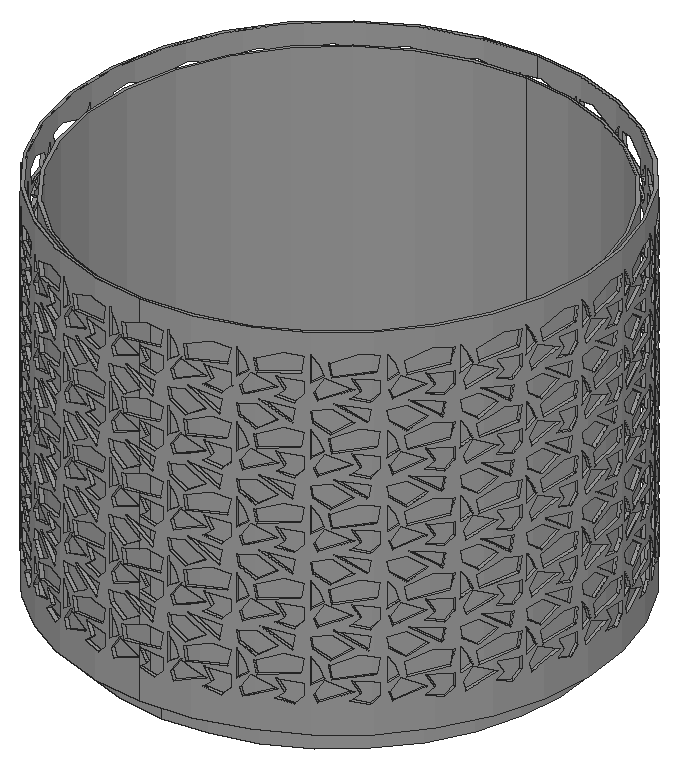
Revit family "14832 Цветочница «Филигран» средняя, диаметр 900 мм Хоббика", category Антураж, Revit 2018 (continued)
Automatic sketch dimensions
  level to Extrusion 4 sketch curve = 300.754 mm
  Extrusion 4 sketch curve to plane 6 = 155.246 mm
  level to Extrusion 4 sketch curve = 311.448 mm
  Extrusion 4 sketch curve to Extrusion 4 sketch curve = 6.775 mm  (x4)
  Extrusion 4 sketch curve to plane 6 = 266.552 mm
  Extrusion 4 sketch curve to plane 6 = 144.552 mm
  level to Extrusion 4 sketch curve = 189.448 mm
  level to Extrusion 4 sketch curve = 120.481 mm
  Extrusion 4 sketch curve to Extrusion 4 sketch curve = 8.395 mm  (x5)
  Extrusion 4 sketch curve to plane 6 = 213.519 mm
  Extrusion 4 sketch curve to plane 6 = 335.519 mm
  Extrusion 4 sketch curve to plane 6 = 91.519 mm
  level to Extrusion 4 sketch curve = 242.481 mm
  level to Extrusion 4 sketch curve = 260.217 mm
  Extrusion 4 sketch curve to Extrusion 4 sketch curve = 4.105 mm  (x5)
  Extrusion 4 sketch curve to plane 6 = 317.783 mm
  level to Extrusion 4 sketch curve = 138.217 mm
  Extrusion 4 sketch curve to plane 6 = 195.783 mm
  Extrusion 4 sketch curve to plane 6 = 73.783 mm
  level to Extrusion 4 sketch curve = 105.534 mm
  Extrusion 4 sketch curve to Extrusion 4 sketch curve = 6.071 mm  (x5)
  Extrusion 4 sketch curve to plane 6 = 106.466 mm
  level to Extrusion 4 sketch curve = 227.534 mm
  Extrusion 4 sketch curve to plane 6 = 228.466 mm
  level to Extrusion 4 sketch curve = 349.534 mm
  Extrusion 4 sketch curve to plane 6 = 236.396 mm
  level to Extrusion 4 sketch curve = 341.604 mm
  level to Extrusion 4 sketch curve = 219.604 mm
  Extrusion 4 sketch curve to plane 6 = 114.396 mm
  level to Extrusion 4 sketch curve = 212.391 mm
  Extrusion 4 sketch curve to Extrusion 4 sketch curve = 3.307 mm  (x4)
  Extrusion 4 sketch curve to plane 6 = 121.609 mm
  level to Extrusion 4 sketch curve = 334.391 mm
  Extrusion 4 sketch curve to plane 6 = 243.609 mm
  Extrusion 4 sketch curve to plane 6 = 72.971 mm
  Extrusion 4 sketch curve to Extrusion 4 sketch curve = 28.051 mm  (x5)
  level to Extrusion 4 sketch curve = 139.029 mm
  Extrusion 4 sketch curve to plane 6 = 316.971 mm
  level to Extrusion 4 sketch curve = 261.029 mm
  Extrusion 4 sketch curve to plane 6 = 194.971 mm
  Extrusion 4 sketch curve to plane 6 = 163.615 mm
  Extrusion 4 sketch curve to Extrusion 4 sketch curve = 0.133 mm  (x4)
  Extrusion 4 sketch curve to plane 6 = 285.615 mm
  level to Extrusion 4 sketch curve = 292.385 mm
  level to Extrusion 4 sketch curve = 170.385 mm
  level to Extrusion 4 sketch curve = 284.794 mm
  Extrusion 4 sketch curve to Extrusion 4 sketch curve = 4.057 mm  (x4)
  Extrusion 4 sketch curve to plane 6 = 171.206 mm
  level to Extrusion 4 sketch curve = 162.794 mm
  Extrusion 4 sketch curve to plane 6 = 49.206 mm
  Extrusion 4 sketch curve to Extrusion 4 sketch curve = 4.19 mm
  Extrusion 4 sketch curve to plane 6 = 293.206 mm
  Extrusion 4 sketch curve to plane 6 = 72.501 mm
  Extrusion 4 sketch curve to Extrusion 4 sketch curve = 8.628 mm  (x5)
  level to Extrusion 4 sketch curve = 139.499 mm
  Extrusion 4 sketch curve to plane 6 = 316.501 mm
  level to Extrusion 4 sketch curve = 261.499 mm
  Extrusion 4 sketch curve to plane 6 = 194.501 mm
  level to Extrusion 4 sketch curve = 141.498 mm
  Extrusion 4 sketch curve to Extrusion 4 sketch curve = 0.747 mm  (x5)
  Extrusion 4 sketch curve to plane 6 = 314.502 mm
  Extrusion 4 sketch curve to plane 6 = 70.502 mm
  level to Extrusion 4 sketch curve = 263.498 mm
  Extrusion 4 sketch curve to plane 6 = 192.502 mm
  level to Extrusion 4 sketch curve = 160.292 mm
  Extrusion 4 sketch curve to Extrusion 4 sketch curve = 12.025 mm  (x5)
  Extrusion 4 sketch curve to plane 6 = 173.708 mm
  Extrusion 4 sketch curve to plane 6 = 295.708 mm
  Extrusion 4 sketch curve to plane 6 = 51.708 mm
  level to Extrusion 4 sketch curve = 282.292 mm
  level to Extrusion 4 sketch curve = 345.67 mm
  Extrusion 4 sketch curve to Extrusion 4 sketch curve = 19.647 mm  (x4)
  Extrusion 4 sketch curve to plane 6 = 232.33 mm
  Extrusion 4 sketch curve to plane 6 = 110.33 mm
  level to Extrusion 4 sketch curve = 223.67 mm
  level to Extrusion 4 sketch curve = 101.67 mm
  Extrusion 4 sketch curve to Extrusion 4 sketch curve = 10.899 mm
  Extrusion 4 sketch curve to plane 6 = 217.681 mm
  level to Extrusion 4 sketch curve = 116.319 mm
  level to Extrusion 4 sketch curve = 238.319 mm
  Extrusion 4 sketch curve to plane 6 = 95.681 mm
  Extrusion 4 sketch curve to plane 6 = 339.681 mm
  level to Extrusion 4 sketch curve = 188.601 mm
  Extrusion 4 sketch curve to Extrusion 4 sketch curve = 9.934 mm  (x4)
  Extrusion 4 sketch curve to plane 6 = 267.399 mm
  Extrusion 4 sketch curve to plane 6 = 145.399 mm
  level to Extrusion 4 sketch curve = 310.601 mm
  Extrusion 4 sketch curve to plane 6 = 156.752 mm
  Extrusion 4 sketch curve to Extrusion 4 sketch curve = 2.998 mm  (x2)
  Extrusion 4 sketch curve to Extrusion 4 sketch curve = 4.288 mm  (x3)
  Extrusion 4 sketch curve to plane 6 = 325.917 mm
  Extrusion 4 sketch curve to plane 6 = 126.818 mm
  Extrusion 4 sketch curve to plane 6 = 248.818 mm
  level to Extrusion 4 sketch curve = 207.182 mm
  level to Extrusion 4 sketch curve = 329.182 mm
  Extrusion 4 sketch curve to Extrusion 4 sketch curve = 13.764 mm  (x4)
  Extrusion 4 sketch curve to Extrusion 4 sketch curve = 11.353 mm  (x3)
  Extrusion 4 sketch curve to Extrusion 4 sketch curve = 12.985 mm
  Extrusion 4 sketch curve to Extrusion 4 sketch curve = 16.957 mm
  level to Extrusion 5 sketch curve = 133.966 mm
  level to Extrusion 5 sketch curve = 255.966 mm
  Extrusion 5 sketch curve to Extrusion 5 sketch curve = 0 mm  (x9)
  Extrusion 5 sketch curve to plane 6 = 282.455 mm
  Extrusion 5 sketch curve to plane 6 = 78.034 mm
  Extrusion 5 sketch curve to plane 6 = 344.088 mm
  level to Extrusion 5 sketch curve = 173.545 mm
  Extrusion 5 sketch curve to plane 6 = 200.034 mm
  Extrusion 5 sketch curve to plane 6 = 38.455 mm
  level to Extrusion 5 sketch curve = 295.545 mm
  Extrusion 5 sketch curve to plane 6 = 160.455 mm
  Extrusion 5 sketch curve to plane 6 = 187.049 mm
  Extrusion 5 sketch curve to Extrusion 5 sketch curve = 4.689 mm  (x5)
  level to Extrusion 5 sketch curve = 268.951 mm
  Extrusion 5 sketch curve to plane 6 = 65.049 mm
  level to Extrusion 5 sketch curve = 146.951 mm
  Extrusion 5 sketch curve to plane 6 = 309.049 mm
  level to Extrusion 5 sketch curve = 332.294 mm
  Extrusion 5 sketch curve to Extrusion 5 sketch curve = 12.981 mm  (x4)
  Extrusion 5 sketch curve to plane 6 = 245.706 mm
  Extrusion 5 sketch curve to plane 6 = 123.706 mm
  level to Extrusion 5 sketch curve = 210.294 mm
  level to Extrusion 5 sketch curve = 97.77 mm
  Extrusion 5 sketch curve to Extrusion 5 sketch curve = 14.142 mm  (x5)
  level to Extrusion 5 sketch curve = 219.77 mm
  Extrusion 5 sketch curve to Extrusion 5 sketch curve = 1.161 mm  (x4)
  Extrusion 5 sketch curve to plane 6 = 114.23 mm
  level to Extrusion 5 sketch curve = 341.77 mm
  Extrusion 5 sketch curve to plane 6 = 236.23 mm
  level to Extrusion 5 sketch curve = 307.674 mm
  Extrusion 5 sketch curve to Extrusion 5 sketch curve = 17.322 mm  (x4)
  Extrusion 5 sketch curve to plane 6 = 270.326 mm
  Extrusion 5 sketch curve to plane 6 = 148.326 mm
  level to Extrusion 5 sketch curve = 185.674 mm
  Extrusion 5 sketch curve to plane 6 = 95.434 mm
  Extrusion 5 sketch curve to Extrusion 5 sketch curve = 14.512 mm  (x5)
  Extrusion 5 sketch curve to plane 6 = 217.434 mm
  Extrusion 5 sketch curve to plane 6 = 339.434 mm
  level to Extrusion 5 sketch curve = 238.566 mm
  level to Extrusion 5 sketch curve = 116.566 mm
  level to Extrusion 5 sketch curve = 178.754 mm
  Extrusion 5 sketch curve to plane 6 = 277.246 mm
  Extrusion 5 sketch curve to plane 6 = 33.246 mm
  level to Extrusion 5 sketch curve = 300.754 mm
  Extrusion 5 sketch curve to plane 6 = 155.246 mm
  level to Extrusion 5 sketch curve = 311.448 mm
  Extrusion 5 sketch curve to Extrusion 5 sketch curve = 6.775 mm  (x4)
  Extrusion 5 sketch curve to plane 6 = 266.552 mm
  Extrusion 5 sketch curve to plane 6 = 144.552 mm
  level to Extrusion 5 sketch curve = 189.448 mm
  level to Extrusion 5 sketch curve = 120.481 mm
  Extrusion 5 sketch curve to Extrusion 5 sketch curve = 8.395 mm  (x5)
  Extrusion 5 sketch curve to plane 6 = 213.519 mm
  Extrusion 5 sketch curve to plane 6 = 335.519 mm
  Extrusion 5 sketch curve to plane 6 = 91.519 mm
  level to Extrusion 5 sketch curve = 242.481 mm
  level to Extrusion 5 sketch curve = 260.217 mm
  Extrusion 5 sketch curve to Extrusion 5 sketch curve = 4.105 mm  (x5)
  Extrusion 5 sketch curve to plane 6 = 317.783 mm
  level to Extrusion 5 sketch curve = 138.217 mm
  Extrusion 5 sketch curve to plane 6 = 195.783 mm
  Extrusion 5 sketch curve to plane 6 = 73.783 mm
  level to Extrusion 5 sketch curve = 105.534 mm
  Extrusion 5 sketch curve to Extrusion 5 sketch curve = 6.071 mm  (x5)
  Extrusion 5 sketch curve to plane 6 = 106.466 mm
  level to Extrusion 5 sketch curve = 227.534 mm
  Extrusion 5 sketch curve to plane 6 = 228.466 mm
  level to Extrusion 5 sketch curve = 349.534 mm
  Extrusion 5 sketch curve to plane 6 = 236.396 mm
  level to Extrusion 5 sketch curve = 341.604 mm
  level to Extrusion 5 sketch curve = 219.604 mm
  Extrusion 5 sketch curve to plane 6 = 114.396 mm
  level to Extrusion 5 sketch curve = 212.391 mm
  Extrusion 5 sketch curve to Extrusion 5 sketch curve = 3.307 mm  (x4)
  Extrusion 5 sketch curve to plane 6 = 121.609 mm
  level to Extrusion 5 sketch curve = 334.391 mm
  Extrusion 5 sketch curve to plane 6 = 243.609 mm
  Extrusion 5 sketch curve to plane 6 = 72.971 mm
  Extrusion 5 sketch curve to Extrusion 5 sketch curve = 28.051 mm  (x5)
  level to Extrusion 5 sketch curve = 139.029 mm
  Extrusion 5 sketch curve to plane 6 = 316.971 mm
  level to Extrusion 5 sketch curve = 261.029 mm
  Extrusion 5 sketch curve to plane 6 = 194.971 mm
  Extrusion 5 sketch curve to plane 6 = 163.615 mm
  Extrusion 5 sketch curve to Extrusion 5 sketch curve = 0.133 mm  (x4)
  Extrusion 5 sketch curve to plane 6 = 285.615 mm
  level to Extrusion 5 sketch curve = 292.385 mm
  level to Extrusion 5 sketch curve = 170.385 mm
  level to Extrusion 5 sketch curve = 284.794 mm
  Extrusion 5 sketch curve to Extrusion 5 sketch curve = 4.057 mm  (x4)
  Extrusion 5 sketch curve to plane 6 = 171.206 mm
  level to Extrusion 5 sketch curve = 162.794 mm
  Extrusion 5 sketch curve to plane 6 = 49.206 mm
  Extrusion 5 sketch curve to Extrusion 5 sketch curve = 4.19 mm
  Extrusion 5 sketch curve to plane 6 = 293.206 mm
  Extrusion 5 sketch curve to plane 6 = 72.501 mm
  Extrusion 5 sketch curve to Extrusion 5 sketch curve = 8.628 mm  (x5)
  level to Extrusion 5 sketch curve = 139.499 mm
  Extrusion 5 sketch curve to plane 6 = 316.501 mm
  level to Extrusion 5 sketch curve = 261.499 mm
  Extrusion 5 sketch curve to plane 6 = 194.501 mm
  level to Extrusion 5 sketch curve = 141.498 mm
  Extrusion 5 sketch curve to Extrusion 5 sketch curve = 0.747 mm  (x5)
  Extrusion 5 sketch curve to plane 6 = 314.502 mm
  Extrusion 5 sketch curve to plane 6 = 70.502 mm
  level to Extrusion 5 sketch curve = 263.498 mm
  Extrusion 5 sketch curve to plane 6 = 192.502 mm
  level to Extrusion 5 sketch curve = 160.292 mm
  Extrusion 5 sketch curve to Extrusion 5 sketch curve = 12.025 mm  (x5)
  Extrusion 5 sketch curve to plane 6 = 173.708 mm
  Extrusion 5 sketch curve to plane 6 = 295.708 mm
  Extrusion 5 sketch curve to plane 6 = 51.708 mm
  level to Extrusion 5 sketch curve = 282.292 mm
  level to Extrusion 5 sketch curve = 345.67 mm
  Extrusion 5 sketch curve to Extrusion 5 sketch curve = 19.647 mm  (x4)
  Extrusion 5 sketch curve to plane 6 = 232.33 mm
  Extrusion 5 sketch curve to plane 6 = 110.33 mm
  level to Extrusion 5 sketch curve = 223.67 mm
  level to Extrusion 5 sketch curve = 101.67 mm
  Extrusion 5 sketch curve to Extrusion 5 sketch curve = 10.899 mm
  Extrusion 5 sketch curve to plane 6 = 217.681 mm
  level to Extrusion 5 sketch curve = 116.319 mm
  level to Extrusion 5 sketch curve = 238.319 mm
  Extrusion 5 sketch curve to plane 6 = 95.681 mm
  Extrusion 5 sketch curve to plane 6 = 339.681 mm
  level to Extrusion 5 sketch curve = 188.601 mm
  Extrusion 5 sketch curve to Extrusion 5 sketch curve = 9.934 mm  (x4)
  Extrusion 5 sketch curve to plane 6 = 267.399 mm
  Extrusion 5 sketch curve to plane 6 = 145.399 mm
  level to Extrusion 5 sketch curve = 310.601 mm
  Extrusion 5 sketch curve to plane 6 = 156.752 mm
  Extrusion 5 sketch curve to Extrusion 5 sketch curve = 2.998 mm  (x2)
  Extrusion 5 sketch curve to Extrusion 5 sketch curve = 4.288 mm  (x3)
  Extrusion 5 sketch curve to plane 6 = 325.917 mm
  Extrusion 5 sketch curve to plane 6 = 126.818 mm
  Extrusion 5 sketch curve to plane 6 = 248.818 mm
  level to Extrusion 5 sketch curve = 207.182 mm
  level to Extrusion 5 sketch curve = 329.182 mm
  Extrusion 5 sketch curve to Extrusion 5 sketch curve = 13.764 mm  (x4)
  Extrusion 5 sketch curve to Extrusion 5 sketch curve = 11.353 mm  (x3)
  Extrusion 5 sketch curve to Extrusion 5 sketch curve = 12.985 mm
  Extrusion 5 sketch curve to Extrusion 5 sketch curve = 16.957 mm
  level to Extrusion 6 sketch curve = 133.966 mm
  level to Extrusion 6 sketch curve = 255.966 mm
  Extrusion 6 sketch curve to Extrusion 6 sketch curve = 0 mm  (x9)
  Extrusion 6 sketch curve to plane 6 = 282.455 mm
  Extrusion 6 sketch curve to plane 6 = 78.034 mm
  Extrusion 6 sketch curve to plane 6 = 344.088 mm
  level to Extrusion 6 sketch curve = 173.545 mm
  Extrusion 6 sketch curve to plane 6 = 200.034 mm
  Extrusion 6 sketch curve to plane 6 = 38.455 mm
  level to Extrusion 6 sketch curve = 295.545 mm
  Extrusion 6 sketch curve to plane 6 = 160.455 mm
  Extrusion 6 sketch curve to plane 6 = 187.049 mm
  Extrusion 6 sketch curve to Extrusion 6 sketch curve = 4.689 mm  (x5)
  level to Extrusion 6 sketch curve = 268.951 mm
  Extrusion 6 sketch curve to plane 6 = 65.049 mm
  level to Extrusion 6 sketch curve = 146.951 mm
  Extrusion 6 sketch curve to plane 6 = 309.049 mm
  level to Extrusion 6 sketch curve = 332.294 mm
  Extrusion 6 sketch curve to Extrusion 6 sketch curve = 12.981 mm  (x4)
  Extrusion 6 sketch curve to plane 6 = 245.706 mm
  Extrusion 6 sketch curve to plane 6 = 123.706 mm
  level to Extrusion 6 sketch curve = 210.294 mm
  level to Extrusion 6 sketch curve = 97.77 mm
  Extrusion 6 sketch curve to Extrusion 6 sketch curve = 14.142 mm  (x5)
  level to Extrusion 6 sketch curve = 219.77 mm
  Extrusion 6 sketch curve to Extrusion 6 sketch curve = 1.161 mm  (x4)
  Extrusion 6 sketch curve to plane 6 = 114.23 mm
  level to Extrusion 6 sketch curve = 341.77 mm
  Extrusion 6 sketch curve to plane 6 = 236.23 mm
  level to Extrusion 6 sketch curve = 307.674 mm
  Extrusion 6 sketch curve to Extrusion 6 sketch curve = 17.322 mm  (x4)
  Extrusion 6 sketch curve to plane 6 = 270.326 mm
  Extrusion 6 sketch curve to plane 6 = 148.326 mm
  level to Extrusion 6 sketch curve = 185.674 mm
  Extrusion 6 sketch curve to plane 6 = 95.434 mm
  Extrusion 6 sketch curve to Extrusion 6 sketch curve = 14.512 mm  (x5)
  Extrusion 6 sketch curve to plane 6 = 217.434 mm
  Extrusion 6 sketch curve to plane 6 = 339.434 mm
  level to Extrusion 6 sketch curve = 238.566 mm
  level to Extrusion 6 sketch curve = 116.566 mm
  level to Extrusion 6 sketch curve = 178.754 mm
  Extrusion 6 sketch curve to plane 6 = 277.246 mm
  Extrusion 6 sketch curve to plane 6 = 33.246 mm
  level to Extrusion 6 sketch curve = 300.754 mm
  Extrusion 6 sketch curve to plane 6 = 155.246 mm
  level to Extrusion 6 sketch curve = 311.448 mm
  Extrusion 6 sketch curve to Extrusion 6 sketch curve = 6.775 mm  (x4)
  Extrusion 6 sketch curve to plane 6 = 266.552 mm
  Extrusion 6 sketch curve to plane 6 = 144.552 mm
  level to Extrusion 6 sketch curve = 189.448 mm
  level to Extrusion 6 sketch curve = 120.481 mm
  Extrusion 6 sketch curve to Extrusion 6 sketch curve = 8.395 mm  (x5)
  Extrusion 6 sketch curve to plane 6 = 213.519 mm
  Extrusion 6 sketch curve to plane 6 = 335.519 mm
  Extrusion 6 sketch curve to plane 6 = 91.519 mm
  level to Extrusion 6 sketch curve = 242.481 mm
  level to Extrusion 6 sketch curve = 260.217 mm
  Extrusion 6 sketch curve to Extrusion 6 sketch curve = 4.105 mm  (x5)
  Extrusion 6 sketch curve to plane 6 = 317.783 mm
  level to Extrusion 6 sketch curve = 138.217 mm
  Extrusion 6 sketch curve to plane 6 = 195.783 mm
  Extrusion 6 sketch curve to plane 6 = 73.783 mm
  level to Extrusion 6 sketch curve = 105.534 mm
  Extrusion 6 sketch curve to Extrusion 6 sketch curve = 6.071 mm  (x5)
  Extrusion 6 sketch curve to plane 6 = 106.466 mm
  level to Extrusion 6 sketch curve = 227.534 mm
  Extrusion 6 sketch curve to plane 6 = 228.466 mm
  level to Extrusion 6 sketch curve = 349.534 mm
  Extrusion 6 sketch curve to plane 6 = 236.396 mm
  level to Extrusion 6 sketch curve = 341.604 mm
  level to Extrusion 6 sketch curve = 219.604 mm
  Extrusion 6 sketch curve to plane 6 = 114.396 mm
  level to Extrusion 6 sketch curve = 212.391 mm
  Extrusion 6 sketch curve to Extrusion 6 sketch curve = 3.307 mm  (x4)
  Extrusion 6 sketch curve to plane 6 = 121.609 mm
  level to Extrusion 6 sketch curve = 334.391 mm
  Extrusion 6 sketch curve to plane 6 = 243.609 mm
  Extrusion 6 sketch curve to plane 6 = 72.971 mm
  Extrusion 6 sketch curve to Extrusion 6 sketch curve = 28.051 mm  (x5)
  level to Extrusion 6 sketch curve = 139.029 mm
  Extrusion 6 sketch curve to plane 6 = 316.971 mm
  level to Extrusion 6 sketch curve = 261.029 mm
  Extrusion 6 sketch curve to plane 6 = 194.971 mm
  Extrusion 6 sketch curve to plane 6 = 163.615 mm
  Extrusion 6 sketch curve to Extrusion 6 sketch curve = 0.133 mm  (x4)
  Extrusion 6 sketch curve to plane 6 = 285.615 mm
  level to Extrusion 6 sketch curve = 292.385 mm
  level to Extrusion 6 sketch curve = 170.385 mm
  level to Extrusion 6 sketch curve = 284.794 mm
  Extrusion 6 sketch curve to Extrusion 6 sketch curve = 4.057 mm  (x4)
  Extrusion 6 sketch curve to plane 6 = 171.206 mm
  level to Extrusion 6 sketch curve = 162.794 mm
  Extrusion 6 sketch curve to plane 6 = 49.206 mm
  Extrusion 6 sketch curve to Extrusion 6 sketch curve = 4.19 mm
  Extrusion 6 sketch curve to plane 6 = 293.206 mm
  Extrusion 6 sketch curve to plane 6 = 72.501 mm
  Extrusion 6 sketch curve to Extrusion 6 sketch curve = 8.628 mm  (x5)
  level to Extrusion 6 sketch curve = 139.499 mm
  Extrusion 6 sketch curve to plane 6 = 316.501 mm
  level to Extrusion 6 sketch curve = 261.499 mm
  Extrusion 6 sketch curve to plane 6 = 194.501 mm
  level to Extrusion 6 sketch curve = 141.498 mm
  Extrusion 6 sketch curve to Extrusion 6 sketch curve = 0.747 mm  (x5)
  Extrusion 6 sketch curve to plane 6 = 314.502 mm
  Extrusion 6 sketch curve to plane 6 = 70.502 mm
  level to Extrusion 6 sketch curve = 263.498 mm
  Extrusion 6 sketch curve to plane 6 = 192.502 mm
  level to Extrusion 6 sketch curve = 160.292 mm
  Extrusion 6 sketch curve to Extrusion 6 sketch curve = 12.025 mm  (x5)
  Extrusion 6 sketch curve to plane 6 = 173.708 mm
  Extrusion 6 sketch curve to plane 6 = 295.708 mm
  Extrusion 6 sketch curve to plane 6 = 51.708 mm
  level to Extrusion 6 sketch curve = 282.292 mm
  level to Extrusion 6 sketch curve = 345.67 mm
  Extrusion 6 sketch curve to Extrusion 6 sketch curve = 19.647 mm  (x4)
  Extrusion 6 sketch curve to plane 6 = 232.33 mm
  Extrusion 6 sketch curve to plane 6 = 110.33 mm
  level to Extrusion 6 sketch curve = 223.67 mm
  level to Extrusion 6 sketch curve = 101.67 mm
  Extrusion 6 sketch curve to Extrusion 6 sketch curve = 10.899 mm
  Extrusion 6 sketch curve to plane 6 = 217.681 mm
  level to Extrusion 6 sketch curve = 116.319 mm
  level to Extrusion 6 sketch curve = 238.319 mm
  Extrusion 6 sketch curve to plane 6 = 95.681 mm
  Extrusion 6 sketch curve to plane 6 = 339.681 mm
  level to Extrusion 6 sketch curve = 188.601 mm
  Extrusion 6 sketch curve to Extrusion 6 sketch curve = 9.934 mm  (x4)
  Extrusion 6 sketch curve to plane 6 = 267.399 mm
  Extrusion 6 sketch curve to plane 6 = 145.399 mm
  level to Extrusion 6 sketch curve = 310.601 mm
  Extrusion 6 sketch curve to plane 6 = 156.752 mm
  Extrusion 6 sketch curve to Extrusion 6 sketch curve = 2.998 mm  (x2)
  Extrusion 6 sketch curve to Extrusion 6 sketch curve = 4.288 mm  (x3)
  Extrusion 6 sketch curve to plane 6 = 325.917 mm
  Extrusion 6 sketch curve to plane 6 = 126.818 mm
  Extrusion 6 sketch curve to plane 6 = 248.818 mm
  level to Extrusion 6 sketch curve = 207.182 mm
  level to Extrusion 6 sketch curve = 329.182 mm
  Extrusion 6 sketch curve to Extrusion 6 sketch curve = 13.764 mm  (x4)
  Extrusion 6 sketch curve to Extrusion 6 sketch curve = 11.353 mm  (x3)
  Extrusion 6 sketch curve to Extrusion 6 sketch curve = 12.985 mm
  Extrusion 6 sketch curve to Extrusion 6 sketch curve = 16.957 mm
  level to Extrusion 7 sketch curve = 133.966 mm
  level to Extrusion 7 sketch curve = 255.966 mm
  Extrusion 7 sketch curve to Extrusion 7 sketch curve = 0 mm  (x9)
  Extrusion 7 sketch curve to plane 6 = 282.455 mm
  Extrusion 7 sketch curve to plane 6 = 78.034 mm
  Extrusion 7 sketch curve to plane 6 = 344.088 mm
  level to Extrusion 7 sketch curve = 173.545 mm
  Extrusion 7 sketch curve to plane 6 = 200.034 mm
  Extrusion 7 sketch curve to plane 6 = 38.455 mm
  level to Extrusion 7 sketch curve = 295.545 mm
  Extrusion 7 sketch curve to plane 6 = 160.455 mm
  Extrusion 7 sketch curve to plane 6 = 187.049 mm
  Extrusion 7 sketch curve to Extrusion 7 sketch curve = 4.689 mm  (x5)
  level to Extrusion 7 sketch curve = 268.951 mm
  Extrusion 7 sketch curve to plane 6 = 65.049 mm
  level to Extrusion 7 sketch curve = 146.951 mm
  Extrusion 7 sketch curve to plane 6 = 309.049 mm
  level to Extrusion 7 sketch curve = 332.294 mm
  Extrusion 7 sketch curve to Extrusion 7 sketch curve = 12.981 mm  (x4)
  Extrusion 7 sketch curve to plane 6 = 245.706 mm
  Extrusion 7 sketch curve to plane 6 = 123.706 mm
  level to Extrusion 7 sketch curve = 210.294 mm
  level to Extrusion 7 sketch curve = 97.77 mm
  Extrusion 7 sketch curve to Extrusion 7 sketch curve = 14.142 mm  (x5)
  level to Extrusion 7 sketch curve = 219.77 mm
  Extrusion 7 sketch curve to Extrusion 7 sketch curve = 1.161 mm  (x4)
  Extrusion 7 sketch curve to plane 6 = 114.23 mm
  level to Extrusion 7 sketch curve = 341.77 mm
  Extrusion 7 sketch curve to plane 6 = 236.23 mm
  level to Extrusion 7 sketch curve = 307.674 mm
  Extrusion 7 sketch curve to Extrusion 7 sketch curve = 17.322 mm  (x4)
  Extrusion 7 sketch curve to plane 6 = 270.326 mm
  Extrusion 7 sketch curve to plane 6 = 148.326 mm
  level to Extrusion 7 sketch curve = 185.674 mm
  Extrusion 7 sketch curve to plane 6 = 95.434 mm
  Extrusion 7 sketch curve to Extrusion 7 sketch curve = 14.512 mm  (x5)
  Extrusion 7 sketch curve to plane 6 = 217.434 mm
  Extrusion 7 sketch curve to plane 6 = 339.434 mm
  level to Extrusion 7 sketch curve = 238.566 mm
  level to Extrusion 7 sketch curve = 116.566 mm
  level to Extrusion 7 sketch curve = 178.754 mm
  Extrusion 7 sketch curve to plane 6 = 277.246 mm
  Extrusion 7 sketch curve to plane 6 = 33.246 mm
  level to Extrusion 7 sketch curve = 300.754 mm
  Extrusion 7 sketch curve to plane 6 = 155.246 mm
  level to Extrusion 7 sketch curve = 311.448 mm
  Extrusion 7 sketch curve to Extrusion 7 sketch curve = 6.775 mm  (x4)
  Extrusion 7 sketch curve to plane 6 = 266.552 mm
  Extrusion 7 sketch curve to plane 6 = 144.552 mm
  level to Extrusion 7 sketch curve = 189.448 mm
  level to Extrusion 7 sketch curve = 120.481 mm
  Extrusion 7 sketch curve to Extrusion 7 sketch curve = 8.395 mm  (x5)
  Extrusion 7 sketch curve to plane 6 = 213.519 mm
  Extrusion 7 sketch curve to plane 6 = 335.519 mm
  Extrusion 7 sketch curve to plane 6 = 91.519 mm
  level to Extrusion 7 sketch curve = 242.481 mm
  level to Extrusion 7 sketch curve = 260.217 mm
  Extrusion 7 sketch curve to Extrusion 7 sketch curve = 4.105 mm  (x5)
  Extrusion 7 sketch curve to plane 6 = 317.783 mm
  level to Extrusion 7 sketch curve = 138.217 mm
  Extrusion 7 sketch curve to plane 6 = 195.783 mm
  Extrusion 7 sketch curve to plane 6 = 73.783 mm
  level to Extrusion 7 sketch curve = 105.534 mm
  Extrusion 7 sketch curve to Extrusion 7 sketch curve = 6.071 mm  (x5)
  Extrusion 7 sketch curve to plane 6 = 106.466 mm
  level to Extrusion 7 sketch curve = 227.534 mm
  Extrusion 7 sketch curve to plane 6 = 228.466 mm
  level to Extrusion 7 sketch curve = 349.534 mm
  Extrusion 7 sketch curve to plane 6 = 236.396 mm
  level to Extrusion 7 sketch curve = 341.604 mm
  level to Extrusion 7 sketch curve = 219.604 mm
  Extrusion 7 sketch curve to plane 6 = 114.396 mm
  level to Extrusion 7 sketch curve = 212.391 mm
  Extrusion 7 sketch curve to Extrusion 7 sketch curve = 3.307 mm  (x4)
  Extrusion 7 sketch curve to plane 6 = 121.609 mm
  level to Extrusion 7 sketch curve = 334.391 mm
  Extrusion 7 sketch curve to plane 6 = 243.609 mm
  Extrusion 7 sketch curve to plane 6 = 72.971 mm
  Extrusion 7 sketch curve to Extrusion 7 sketch curve = 28.051 mm  (x5)
  level to Extrusion 7 sketch curve = 139.029 mm
  Extrusion 7 sketch curve to plane 6 = 316.971 mm
  level to Extrusion 7 sketch curve = 261.029 mm
  Extrusion 7 sketch curve to plane 6 = 194.971 mm
  Extrusion 7 sketch curve to plane 6 = 163.615 mm
  Extrusion 7 sketch curve to Extrusion 7 sketch curve = 0.133 mm  (x4)
  Extrusion 7 sketch curve to plane 6 = 285.615 mm
  level to Extrusion 7 sketch curve = 292.385 mm
  level to Extrusion 7 sketch curve = 170.385 mm
  level to Extrusion 7 sketch curve = 284.794 mm
  Extrusion 7 sketch curve to Extrusion 7 sketch curve = 4.057 mm  (x4)
  Extrusion 7 sketch curve to plane 6 = 171.206 mm
  level to Extrusion 7 sketch curve = 162.794 mm
  Extrusion 7 sketch curve to plane 6 = 49.206 mm
  Extrusion 7 sketch curve to Extrusion 7 sketch curve = 4.19 mm
  Extrusion 7 sketch curve to plane 6 = 293.206 mm
  Extrusion 7 sketch curve to plane 6 = 72.501 mm
  Extrusion 7 sketch curve to Extrusion 7 sketch curve = 8.628 mm  (x5)
  level to Extrusion 7 sketch curve = 139.499 mm
  Extrusion 7 sketch curve to plane 6 = 316.501 mm
  level to Extrusion 7 sketch curve = 261.499 mm
  Extrusion 7 sketch curve to plane 6 = 194.501 mm
  level to Extrusion 7 sketch curve = 141.498 mm
  Extrusion 7 sketch curve to Extrusion 7 sketch curve = 0.747 mm  (x5)
  Extrusion 7 sketch curve to plane 6 = 314.502 mm
  Extrusion 7 sketch curve to plane 6 = 70.502 mm
  level to Extrusion 7 sketch curve = 263.498 mm
  Extrusion 7 sketch curve to plane 6 = 192.502 mm
  level to Extrusion 7 sketch curve = 160.292 mm
  Extrusion 7 sketch curve to Extrusion 7 sketch curve = 12.025 mm  (x5)
  Extrusion 7 sketch curve to plane 6 = 173.708 mm
  Extrusion 7 sketch curve to plane 6 = 295.708 mm
  Extrusion 7 sketch curve to plane 6 = 51.708 mm
  level to Extrusion 7 sketch curve = 282.292 mm
  level to Extrusion 7 sketch curve = 345.67 mm
  Extrusion 7 sketch curve to Extrusion 7 sketch curve = 19.647 mm  (x4)
  Extrusion 7 sketch curve to plane 6 = 232.33 mm
  Extrusion 7 sketch curve to plane 6 = 110.33 mm
  level to Extrusion 7 sketch curve = 223.67 mm
  level to Extrusion 7 sketch curve = 101.67 mm
  Extrusion 7 sketch curve to Extrusion 7 sketch curve = 10.899 mm
  Extrusion 7 sketch curve to plane 6 = 217.681 mm
  level to Extrusion 7 sketch curve = 116.319 mm
  level to Extrusion 7 sketch curve = 238.319 mm
  Extrusion 7 sketch curve to plane 6 = 95.681 mm
  Extrusion 7 sketch curve to plane 6 = 339.681 mm
  level to Extrusion 7 sketch curve = 188.601 mm
  Extrusion 7 sketch curve to Extrusion 7 sketch curve = 9.934 mm  (x4)
  Extrusion 7 sketch curve to plane 6 = 267.399 mm
  Extrusion 7 sketch curve to plane 6 = 145.399 mm
  level to Extrusion 7 sketch curve = 310.601 mm
  Extrusion 7 sketch curve to plane 6 = 156.752 mm
  Extrusion 7 sketch curve to Extrusion 7 sketch curve = 2.998 mm  (x2)
  Extrusion 7 sketch curve to Extrusion 7 sketch curve = 4.288 mm  (x3)
  Extrusion 7 sketch curve to plane 6 = 325.917 mm
  Extrusion 7 sketch curve to plane 6 = 126.818 mm
  Extrusion 7 sketch curve to plane 6 = 248.818 mm
  level to Extrusion 7 sketch curve = 207.182 mm
  level to Extrusion 7 sketch curve = 329.182 mm
  Extrusion 7 sketch curve to Extrusion 7 sketch curve = 13.764 mm  (x4)
  Extrusion 7 sketch curve to Extrusion 7 sketch curve = 11.353 mm  (x3)
  Extrusion 7 sketch curve to Extrusion 7 sketch curve = 12.985 mm
  Extrusion 7 sketch curve to Extrusion 7 sketch curve = 16.957 mm
  level to Extrusion 8 sketch curve = 133.966 mm
  level to Extrusion 8 sketch curve = 255.966 mm
  Extrusion 8 sketch curve to Extrusion 8 sketch curve = 0 mm  (x9)
  Extrusion 8 sketch curve to plane 6 = 282.455 mm
  Extrusion 8 sketch curve to plane 6 = 78.034 mm
  Extrusion 8 sketch curve to plane 6 = 344.088 mm
  level to Extrusion 8 sketch curve = 173.545 mm
  Extrusion 8 sketch curve to plane 6 = 200.034 mm
  Extrusion 8 sketch curve to plane 6 = 38.455 mm
  level to Extrusion 8 sketch curve = 295.545 mm
  Extrusion 8 sketch curve to plane 6 = 160.455 mm
  Extrusion 8 sketch curve to plane 6 = 187.049 mm
  Extrusion 8 sketch curve to Extrusion 8 sketch curve = 4.689 mm  (x5)
  level to Extrusion 8 sketch curve = 268.951 mm
  Extrusion 8 sketch curve to plane 6 = 65.049 mm
  level to Extrusion 8 sketch curve = 146.951 mm
  Extrusion 8 sketch curve to plane 6 = 309.049 mm
  level to Extrusion 8 sketch curve = 332.294 mm
  Extrusion 8 sketch curve to Extrusion 8 sketch curve = 12.981 mm  (x4)
  Extrusion 8 sketch curve to plane 6 = 245.706 mm
  Extrusion 8 sketch curve to plane 6 = 123.706 mm
  level to Extrusion 8 sketch curve = 210.294 mm
  level to Extrusion 8 sketch curve = 97.77 mm
  Extrusion 8 sketch curve to Extrusion 8 sketch curve = 14.142 mm  (x5)
  level to Extrusion 8 sketch curve = 219.77 mm
  Extrusion 8 sketch curve to Extrusion 8 sketch curve = 1.161 mm  (x4)
  Extrusion 8 sketch curve to plane 6 = 114.23 mm
  level to Extrusion 8 sketch curve = 341.77 mm
  Extrusion 8 sketch curve to plane 6 = 236.23 mm
  level to Extrusion 8 sketch curve = 307.674 mm
  Extrusion 8 sketch curve to Extrusion 8 sketch curve = 17.322 mm  (x4)
  Extrusion 8 sketch curve to plane 6 = 270.326 mm
  Extrusion 8 sketch curve to plane 6 = 148.326 mm
  level to Extrusion 8 sketch curve = 185.674 mm
  Extrusion 8 sketch curve to plane 6 = 95.434 mm
  Extrusion 8 sketch curve to Extrusion 8 sketch curve = 14.512 mm  (x5)
  Extrusion 8 sketch curve to plane 6 = 217.434 mm
  Extrusion 8 sketch curve to plane 6 = 339.434 mm
  level to Extrusion 8 sketch curve = 238.566 mm
  level to Extrusion 8 sketch curve = 116.566 mm
  level to Extrusion 8 sketch curve = 178.754 mm
  Extrusion 8 sketch curve to plane 6 = 277.246 mm
  Extrusion 8 sketch curve to plane 6 = 33.246 mm
  level to Extrusion 8 sketch curve = 300.754 mm
  Extrusion 8 sketch curve to plane 6 = 155.246 mm
  level to Extrusion 8 sketch curve = 311.448 mm
  Extrusion 8 sketch curve to Extrusion 8 sketch curve = 6.775 mm  (x4)
  Extrusion 8 sketch curve to plane 6 = 266.552 mm
  Extrusion 8 sketch curve to plane 6 = 144.552 mm
  level to Extrusion 8 sketch curve = 189.448 mm
  level to Extrusion 8 sketch curve = 120.481 mm
  Extrusion 8 sketch curve to Extrusion 8 sketch curve = 8.395 mm  (x5)
  Extrusion 8 sketch curve to plane 6 = 213.519 mm
  Extrusion 8 sketch curve to plane 6 = 335.519 mm
  Extrusion 8 sketch curve to plane 6 = 91.519 mm
  level to Extrusion 8 sketch curve = 242.481 mm
  level to Extrusion 8 sketch curve = 260.217 mm
  Extrusion 8 sketch curve to Extrusion 8 sketch curve = 4.105 mm  (x5)
  Extrusion 8 sketch curve to plane 6 = 317.783 mm
  level to Extrusion 8 sketch curve = 138.217 mm
  Extrusion 8 sketch curve to plane 6 = 195.783 mm
  Extrusion 8 sketch curve to plane 6 = 73.783 mm
  level to Extrusion 8 sketch curve = 105.534 mm
  Extrusion 8 sketch curve to Extrusion 8 sketch curve = 6.071 mm  (x5)
  Extrusion 8 sketch curve to plane 6 = 106.466 mm
  level to Extrusion 8 sketch curve = 227.534 mm
  Extrusion 8 sketch curve to plane 6 = 228.466 mm
  level to Extrusion 8 sketch curve = 349.534 mm
  Extrusion 8 sketch curve to plane 6 = 236.396 mm
  level to Extrusion 8 sketch curve = 341.604 mm
  level to Extrusion 8 sketch curve = 219.604 mm
  Extrusion 8 sketch curve to plane 6 = 114.396 mm
  level to Extrusion 8 sketch curve = 212.391 mm
  Extrusion 8 sketch curve to Extrusion 8 sketch curve = 3.307 mm  (x4)
  Extrusion 8 sketch curve to plane 6 = 121.609 mm
  level to Extrusion 8 sketch curve = 334.391 mm
  Extrusion 8 sketch curve to plane 6 = 243.609 mm
  Extrusion 8 sketch curve to plane 6 = 72.971 mm
  Extrusion 8 sketch curve to Extrusion 8 sketch curve = 28.051 mm  (x5)
  level to Extrusion 8 sketch curve = 139.029 mm
  Extrusion 8 sketch curve to plane 6 = 316.971 mm
  level to Extrusion 8 sketch curve = 261.029 mm
  Extrusion 8 sketch curve to plane 6 = 194.971 mm
  Extrusion 8 sketch curve to plane 6 = 163.615 mm
  Extrusion 8 sketch curve to Extrusion 8 sketch curve = 0.133 mm  (x4)
  Extrusion 8 sketch curve to plane 6 = 285.615 mm
  level to Extrusion 8 sketch curve = 292.385 mm
  level to Extrusion 8 sketch curve = 170.385 mm
  level to Extrusion 8 sketch curve = 284.794 mm
  Extrusion 8 sketch curve to Extrusion 8 sketch curve = 4.057 mm  (x4)
  Extrusion 8 sketch curve to plane 6 = 171.206 mm
  level to Extrusion 8 sketch curve = 162.794 mm
  Extrusion 8 sketch curve to plane 6 = 49.206 mm
  Extrusion 8 sketch curve to Extrusion 8 sketch curve = 4.19 mm
  Extrusion 8 sketch curve to plane 6 = 293.206 mm
  Extrusion 8 sketch curve to plane 6 = 72.501 mm
  Extrusion 8 sketch curve to Extrusion 8 sketch curve = 8.628 mm  (x5)
  level to Extrusion 8 sketch curve = 139.499 mm
  Extrusion 8 sketch curve to plane 6 = 316.501 mm
  level to Extrusion 8 sketch curve = 261.499 mm
  Extrusion 8 sketch curve to plane 6 = 194.501 mm
  level to Extrusion 8 sketch curve = 141.498 mm
  Extrusion 8 sketch curve to Extrusion 8 sketch curve = 0.747 mm  (x5)
  Extrusion 8 sketch curve to plane 6 = 314.502 mm
  Extrusion 8 sketch curve to plane 6 = 70.502 mm
  level to Extrusion 8 sketch curve = 263.498 mm
  Extrusion 8 sketch curve to plane 6 = 192.502 mm
  level to Extrusion 8 sketch curve = 160.292 mm
  Extrusion 8 sketch curve to Extrusion 8 sketch curve = 12.025 mm  (x5)
  Extrusion 8 sketch curve to plane 6 = 173.708 mm
  Extrusion 8 sketch curve to plane 6 = 295.708 mm
  Extrusion 8 sketch curve to plane 6 = 51.708 mm
  level to Extrusion 8 sketch curve = 282.292 mm
  level to Extrusion 8 sketch curve = 345.67 mm
  Extrusion 8 sketch curve to Extrusion 8 sketch curve = 19.647 mm  (x4)
  Extrusion 8 sketch curve to plane 6 = 232.33 mm
  Extrusion 8 sketch curve to plane 6 = 110.33 mm
  level to Extrusion 8 sketch curve = 223.67 mm
  level to Extrusion 8 sketch curve = 101.67 mm
  Extrusion 8 sketch curve to Extrusion 8 sketch curve = 10.899 mm
  Extrusion 8 sketch curve to plane 6 = 217.681 mm
  level to Extrusion 8 sketch curve = 116.319 mm
  level to Extrusion 8 sketch curve = 238.319 mm
  Extrusion 8 sketch curve to plane 6 = 95.681 mm
  Extrusion 8 sketch curve to plane 6 = 339.681 mm
  level to Extrusion 8 sketch curve = 188.601 mm
  Extrusion 8 sketch curve to Extrusion 8 sketch curve = 9.934 mm  (x4)
  Extrusion 8 sketch curve to plane 6 = 267.399 mm
  Extrusion 8 sketch curve to plane 6 = 145.399 mm
  level to Extrusion 8 sketch curve = 310.601 mm
  Extrusion 8 sketch curve to plane 6 = 156.752 mm
  Extrusion 8 sketch curve to Extrusion 8 sketch curve = 2.998 mm  (x2)
  Extrusion 8 sketch curve to Extrusion 8 sketch curve = 4.288 mm  (x3)
  Extrusion 8 sketch curve to plane 6 = 325.917 mm
  Extrusion 8 sketch curve to plane 6 = 126.818 mm
  Extrusion 8 sketch curve to plane 6 = 248.818 mm
  level to Extrusion 8 sketch curve = 207.182 mm
  level to Extrusion 8 sketch curve = 329.182 mm
  Extrusion 8 sketch curve to Extrusion 8 sketch curve = 13.764 mm  (x4)
  Extrusion 8 sketch curve to Extrusion 8 sketch curve = 11.353 mm  (x3)
  Extrusion 8 sketch curve to Extrusion 8 sketch curve = 12.985 mm
  Extrusion 8 sketch curve to Extrusion 8 sketch curve = 16.957 mm
  level to Extrusion 9 sketch curve = 133.966 mm
  level to Extrusion 9 sketch curve = 255.966 mm
  Extrusion 9 sketch curve to Extrusion 9 sketch curve = 0 mm  (x9)
  Extrusion 9 sketch curve to plane 6 = 282.455 mm
  Extrusion 9 sketch curve to plane 6 = 78.034 mm
  Extrusion 9 sketch curve to plane 6 = 344.088 mm
  level to Extrusion 9 sketch curve = 173.545 mm
  Extrusion 9 sketch curve to plane 6 = 200.034 mm
  Extrusion 9 sketch curve to plane 6 = 38.455 mm
  level to Extrusion 9 sketch curve = 295.545 mm
  Extrusion 9 sketch curve to plane 6 = 160.455 mm
  Extrusion 9 sketch curve to plane 6 = 187.049 mm
  Extrusion 9 sketch curve to Extrusion 9 sketch curve = 4.689 mm  (x5)
  level to Extrusion 9 sketch curve = 268.951 mm
  Extrusion 9 sketch curve to plane 6 = 65.049 mm
  level to Extrusion 9 sketch curve = 146.951 mm
  Extrusion 9 sketch curve to plane 6 = 309.049 mm
  level to Extrusion 9 sketch curve = 332.294 mm
  Extrusion 9 sketch curve to Extrusion 9 sketch curve = 12.981 mm  (x4)
  Extrusion 9 sketch curve to plane 6 = 245.706 mm
  Extrusion 9 sketch curve to plane 6 = 123.706 mm
  level to Extrusion 9 sketch curve = 210.294 mm
  level to Extrusion 9 sketch curve = 97.77 mm
  Extrusion 9 sketch curve to Extrusion 9 sketch curve = 14.142 mm  (x5)
  level to Extrusion 9 sketch curve = 219.77 mm
  Extrusion 9 sketch curve to Extrusion 9 sketch curve = 1.161 mm  (x4)
  Extrusion 9 sketch curve to plane 6 = 114.23 mm
  level to Extrusion 9 sketch curve = 341.77 mm
  Extrusion 9 sketch curve to plane 6 = 236.23 mm
  level to Extrusion 9 sketch curve = 307.674 mm
  Extrusion 9 sketch curve to Extrusion 9 sketch curve = 17.322 mm  (x4)
  Extrusion 9 sketch curve to plane 6 = 270.326 mm
  Extrusion 9 sketch curve to plane 6 = 148.326 mm
  level to Extrusion 9 sketch curve = 185.674 mm
  Extrusion 9 sketch curve to plane 6 = 95.434 mm
  Extrusion 9 sketch curve to Extrusion 9 sketch curve = 14.512 mm  (x5)
  Extrusion 9 sketch curve to plane 6 = 217.434 mm
  Extrusion 9 sketch curve to plane 6 = 339.434 mm
  level to Extrusion 9 sketch curve = 238.566 mm
  level to Extrusion 9 sketch curve = 116.566 mm
  level to Extrusion 9 sketch curve = 178.754 mm
  Extrusion 9 sketch curve to plane 6 = 277.246 mm
  Extrusion 9 sketch curve to plane 6 = 33.246 mm
  level to Extrusion 9 sketch curve = 300.754 mm
  Extrusion 9 sketch curve to plane 6 = 155.246 mm
  level to Extrusion 9 sketch curve = 311.448 mm
  Extrusion 9 sketch curve to Extrusion 9 sketch curve = 6.775 mm  (x4)
  Extrusion 9 sketch curve to plane 6 = 266.552 mm
  Extrusion 9 sketch curve to plane 6 = 144.552 mm
  level to Extrusion 9 sketch curve = 189.448 mm
  level to Extrusion 9 sketch curve = 120.481 mm
  Extrusion 9 sketch curve to Extrusion 9 sketch curve = 8.395 mm  (x5)
  Extrusion 9 sketch curve to plane 6 = 213.519 mm
  Extrusion 9 sketch curve to plane 6 = 335.519 mm
  Extrusion 9 sketch curve to plane 6 = 91.519 mm
  level to Extrusion 9 sketch curve = 242.481 mm
  level to Extrusion 9 sketch curve = 260.217 mm
  Extrusion 9 sketch curve to Extrusion 9 sketch curve = 4.105 mm  (x5)
  Extrusion 9 sketch curve to plane 6 = 317.783 mm
  level to Extrusion 9 sketch curve = 138.217 mm
  Extrusion 9 sketch curve to plane 6 = 195.783 mm
  Extrusion 9 sketch curve to plane 6 = 73.783 mm
  level to Extrusion 9 sketch curve = 105.534 mm
  Extrusion 9 sketch curve to Extrusion 9 sketch curve = 6.071 mm  (x5)
  Extrusion 9 sketch curve to plane 6 = 106.466 mm
  level to Extrusion 9 sketch curve = 227.534 mm
  Extrusion 9 sketch curve to plane 6 = 228.466 mm
  level to Extrusion 9 sketch curve = 349.534 mm
  Extrusion 9 sketch curve to plane 6 = 236.396 mm
  level to Extrusion 9 sketch curve = 341.604 mm
  level to Extrusion 9 sketch curve = 219.604 mm
  Extrusion 9 sketch curve to plane 6 = 114.396 mm
  level to Extrusion 9 sketch curve = 212.391 mm
  Extrusion 9 sketch curve to Extrusion 9 sketch curve = 3.307 mm  (x4)
  Extrusion 9 sketch curve to plane 6 = 121.609 mm
  level to Extrusion 9 sketch curve = 334.391 mm
  Extrusion 9 sketch curve to plane 6 = 243.609 mm
  Extrusion 9 sketch curve to plane 6 = 72.971 mm
  Extrusion 9 sketch curve to Extrusion 9 sketch curve = 28.051 mm  (x5)
  level to Extrusion 9 sketch curve = 139.029 mm
  Extrusion 9 sketch curve to plane 6 = 316.971 mm
  level to Extrusion 9 sketch curve = 261.029 mm
  Extrusion 9 sketch curve to plane 6 = 194.971 mm
  Extrusion 9 sketch curve to plane 6 = 163.615 mm
  Extrusion 9 sketch curve to Extrusion 9 sketch curve = 0.133 mm  (x4)
  Extrusion 9 sketch curve to plane 6 = 285.615 mm
  level to Extrusion 9 sketch curve = 292.385 mm
  level to Extrusion 9 sketch curve = 170.385 mm
  level to Extrusion 9 sketch curve = 284.794 mm
  Extrusion 9 sketch curve to Extrusion 9 sketch curve = 4.057 mm  (x4)
  Extrusion 9 sketch curve to plane 6 = 171.206 mm
  level to Extrusion 9 sketch curve = 162.794 mm
  Extrusion 9 sketch curve to plane 6 = 49.206 mm
  Extrusion 9 sketch curve to Extrusion 9 sketch curve = 4.19 mm
  Extrusion 9 sketch curve to plane 6 = 293.206 mm
  Extrusion 9 sketch curve to plane 6 = 72.501 mm
  Extrusion 9 sketch curve to Extrusion 9 sketch curve = 8.628 mm  (x5)
  level to Extrusion 9 sketch curve = 139.499 mm
  Extrusion 9 sketch curve to plane 6 = 316.501 mm
  level to Extrusion 9 sketch curve = 261.499 mm
  Extrusion 9 sketch curve to plane 6 = 194.501 mm
  level to Extrusion 9 sketch curve = 141.498 mm
  Extrusion 9 sketch curve to Extrusion 9 sketch curve = 0.747 mm  (x5)
  Extrusion 9 sketch curve to plane 6 = 314.502 mm
  Extrusion 9 sketch curve to plane 6 = 70.502 mm
  level to Extrusion 9 sketch curve = 263.498 mm
  Extrusion 9 sketch curve to plane 6 = 192.502 mm
  level to Extrusion 9 sketch curve = 160.292 mm
  Extrusion 9 sketch curve to Extrusion 9 sketch curve = 12.025 mm  (x5)
  Extrusion 9 sketch curve to plane 6 = 173.708 mm
  Extrusion 9 sketch curve to plane 6 = 295.708 mm
  Extrusion 9 sketch curve to plane 6 = 51.708 mm
  level to Extrusion 9 sketch curve = 282.292 mm
  level to Extrusion 9 sketch curve = 345.67 mm
  Extrusion 9 sketch curve to Extrusion 9 sketch curve = 19.647 mm  (x4)
  Extrusion 9 sketch curve to plane 6 = 232.33 mm
  Extrusion 9 sketch curve to plane 6 = 110.33 mm
  level to Extrusion 9 sketch curve = 223.67 mm
  level to Extrusion 9 sketch curve = 101.67 mm
  Extrusion 9 sketch curve to Extrusion 9 sketch curve = 10.899 mm
  Extrusion 9 sketch curve to plane 6 = 217.681 mm
  level to Extrusion 9 sketch curve = 116.319 mm
  level to Extrusion 9 sketch curve = 238.319 mm
  Extrusion 9 sketch curve to plane 6 = 95.681 mm
  Extrusion 9 sketch curve to plane 6 = 339.681 mm
  level to Extrusion 9 sketch curve = 188.601 mm
  Extrusion 9 sketch curve to Extrusion 9 sketch curve = 9.934 mm  (x4)
  Extrusion 9 sketch curve to plane 6 = 267.399 mm
  Extrusion 9 sketch curve to plane 6 = 145.399 mm
  level to Extrusion 9 sketch curve = 310.601 mm
  Extrusion 9 sketch curve to plane 6 = 156.752 mm
  Extrusion 9 sketch curve to Extrusion 9 sketch curve = 2.998 mm  (x2)
  Extrusion 9 sketch curve to Extrusion 9 sketch curve = 4.288 mm  (x3)
  Extrusion 9 sketch curve to plane 6 = 325.917 mm
  Extrusion 9 sketch curve to plane 6 = 126.818 mm
  Extrusion 9 sketch curve to plane 6 = 248.818 mm
  level to Extrusion 9 sketch curve = 207.182 mm
  level to Extrusion 9 sketch curve = 329.182 mm
  Extrusion 9 sketch curve to Extrusion 9 sketch curve = 13.764 mm  (x4)
  Extrusion 9 sketch curve to Extrusion 9 sketch curve = 11.353 mm  (x3)
  Extrusion 9 sketch curve to Extrusion 9 sketch curve = 12.985 mm
  Extrusion 9 sketch curve to Extrusion 9 sketch curve = 16.957 mm
  level to Extrusion 10 sketch curve = 133.966 mm
  level to Extrusion 10 sketch curve = 255.966 mm
  Extrusion 10 sketch curve to Extrusion 10 sketch curve = 0 mm  (x9)
  Extrusion 10 sketch curve to plane 6 = 282.455 mm
  Extrusion 10 sketch curve to plane 6 = 78.034 mm
  Extrusion 10 sketch curve to plane 6 = 344.088 mm
  level to Extrusion 10 sketch curve = 173.545 mm
  Extrusion 10 sketch curve to plane 6 = 200.034 mm
  Extrusion 10 sketch curve to plane 6 = 38.455 mm
  level to Extrusion 10 sketch curve = 295.545 mm
  Extrusion 10 sketch curve to plane 6 = 160.455 mm
  Extrusion 10 sketch curve to plane 6 = 187.049 mm
  Extrusion 10 sketch curve to Extrusion 10 sketch curve = 4.689 mm  (x5)
  level to Extrusion 10 sketch curve = 268.951 mm
  Extrusion 10 sketch curve to plane 6 = 65.049 mm
  level to Extrusion 10 sketch curve = 146.951 mm
  Extrusion 10 sketch curve to plane 6 = 309.049 mm
  level to Extrusion 10 sketch curve = 332.294 mm
  Extrusion 10 sketch curve to Extrusion 10 sketch curve = 12.981 mm  (x4)
  Extrusion 10 sketch curve to plane 6 = 245.706 mm
  Extrusion 10 sketch curve to plane 6 = 123.706 mm
  level to Extrusion 10 sketch curve = 210.294 mm
  level to Extrusion 10 sketch curve = 97.77 mm
  Extrusion 10 sketch curve to Extrusion 10 sketch curve = 14.142 mm  (x5)
  level to Extrusion 10 sketch curve = 219.77 mm
  Extrusion 10 sketch curve to Extrusion 10 sketch curve = 1.161 mm  (x4)
  Extrusion 10 sketch curve to plane 6 = 114.23 mm
  level to Extrusion 10 sketch curve = 341.77 mm
  Extrusion 10 sketch curve to plane 6 = 236.23 mm
  level to Extrusion 10 sketch curve = 307.674 mm
  Extrusion 10 sketch curve to Extrusion 10 sketch curve = 17.322 mm  (x4)
  Extrusion 10 sketch curve to plane 6 = 270.326 mm
  Extrusion 10 sketch curve to plane 6 = 148.326 mm
  level to Extrusion 10 sketch curve = 185.674 mm
  Extrusion 10 sketch curve to plane 6 = 95.434 mm
  Extrusion 10 sketch curve to Extrusion 10 sketch curve = 14.512 mm  (x5)
  Extrusion 10 sketch curve to plane 6 = 217.434 mm
  Extrusion 10 sketch curve to plane 6 = 339.434 mm
  level to Extrusion 10 sketch curve = 238.566 mm
  level to Extrusion 10 sketch curve = 116.566 mm
  level to Extrusion 10 sketch curve = 178.754 mm
  Extrusion 10 sketch curve to plane 6 = 277.246 mm
  Extrusion 10 sketch curve to plane 6 = 33.246 mm
  level to Extrusion 10 sketch curve = 300.754 mm
  Extrusion 10 sketch curve to plane 6 = 155.246 mm
  level to Extrusion 10 sketch curve = 311.448 mm
  Extrusion 10 sketch curve to Extrusion 10 sketch curve = 6.775 mm  (x4)
  Extrusion 10 sketch curve to plane 6 = 266.552 mm
  Extrusion 10 sketch curve to plane 6 = 144.552 mm
  level to Extrusion 10 sketch curve = 189.448 mm
  level to Extrusion 10 sketch curve = 120.481 mm
  Extrusion 10 sketch curve to Extrusion 10 sketch curve = 8.395 mm  (x5)
  Extrusion 10 sketch curve to plane 6 = 213.519 mm
  Extrusion 10 sketch curve to plane 6 = 335.519 mm
  Extrusion 10 sketch curve to plane 6 = 91.519 mm
  level to Extrusion 10 sketch curve = 242.481 mm
  level to Extrusion 10 sketch curve = 260.217 mm
  Extrusion 10 sketch curve to Extrusion 10 sketch curve = 4.105 mm  (x5)
  Extrusion 10 sketch curve to plane 6 = 317.783 mm
  level to Extrusion 10 sketch curve = 138.217 mm
  Extrusion 10 sketch curve to plane 6 = 195.783 mm
  Extrusion 10 sketch curve to plane 6 = 73.783 mm
  level to Extrusion 10 sketch curve = 105.534 mm
  Extrusion 10 sketch curve to Extrusion 10 sketch curve = 6.071 mm  (x5)
  Extrusion 10 sketch curve to plane 6 = 106.466 mm
  level to Extrusion 10 sketch curve = 227.534 mm
  Extrusion 10 sketch curve to plane 6 = 228.466 mm
  level to Extrusion 10 sketch curve = 349.534 mm
  Extrusion 10 sketch curve to plane 6 = 236.396 mm
  level to Extrusion 10 sketch curve = 341.604 mm
  level to Extrusion 10 sketch curve = 219.604 mm
  Extrusion 10 sketch curve to plane 6 = 114.396 mm
  level to Extrusion 10 sketch curve = 212.391 mm
  Extrusion 10 sketch curve to Extrusion 10 sketch curve = 3.307 mm  (x4)
  Extrusion 10 sketch curve to plane 6 = 121.609 mm
  level to Extrusion 10 sketch curve = 334.391 mm
  Extrusion 10 sketch curve to plane 6 = 243.609 mm
  Extrusion 10 sketch curve to plane 6 = 72.971 mm
  Extrusion 10 sketch curve to Extrusion 10 sketch curve = 28.051 mm  (x5)
  level to Extrusion 10 sketch curve = 139.029 mm
  Extrusion 10 sketch curve to plane 6 = 316.971 mm
  level to Extrusion 10 sketch curve = 261.029 mm
  Extrusion 10 sketch curve to plane 6 = 194.971 mm
  Extrusion 10 sketch curve to plane 6 = 163.615 mm
  Extrusion 10 sketch curve to Extrusion 10 sketch curve = 0.133 mm  (x4)
  Extrusion 10 sketch curve to plane 6 = 285.615 mm
  level to Extrusion 10 sketch curve = 292.385 mm
  level to Extrusion 10 sketch curve = 170.385 mm
  level to Extrusion 10 sketch curve = 284.794 mm
  Extrusion 10 sketch curve to Extrusion 10 sketch curve = 4.057 mm  (x4)
  Extrusion 10 sketch curve to plane 6 = 171.206 mm
  level to Extrusion 10 sketch curve = 162.794 mm
  Extrusion 10 sketch curve to plane 6 = 49.206 mm
  Extrusion 10 sketch curve to Extrusion 10 sketch curve = 4.19 mm
  Extrusion 10 sketch curve to plane 6 = 293.206 mm
  Extrusion 10 sketch curve to plane 6 = 72.501 mm
  Extrusion 10 sketch curve to Extrusion 10 sketch curve = 8.628 mm  (x5)
  level to Extrusion 10 sketch curve = 139.499 mm
  Extrusion 10 sketch curve to plane 6 = 316.501 mm
  level to Extrusion 10 sketch curve = 261.499 mm
  Extrusion 10 sketch curve to plane 6 = 194.501 mm
  level to Extrusion 10 sketch curve = 141.498 mm
  Extrusion 10 sketch curve to Extrusion 10 sketch curve = 0.747 mm  (x5)
  Extrusion 10 sketch curve to plane 6 = 314.502 mm
  Extrusion 10 sketch curve to plane 6 = 70.502 mm
  level to Extrusion 10 sketch curve = 263.498 mm
  Extrusion 10 sketch curve to plane 6 = 192.502 mm
  level to Extrusion 10 sketch curve = 160.292 mm
  Extrusion 10 sketch curve to Extrusion 10 sketch curve = 12.025 mm  (x5)
  Extrusion 10 sketch curve to plane 6 = 173.708 mm
  Extrusion 10 sketch curve to plane 6 = 295.708 mm
  Extrusion 10 sketch curve to plane 6 = 51.708 mm
  level to Extrusion 10 sketch curve = 282.292 mm
  level to Extrusion 10 sketch curve = 345.67 mm
  Extrusion 10 sketch curve to Extrusion 10 sketch curve = 19.647 mm  (x4)
  Extrusion 10 sketch curve to plane 6 = 232.33 mm
  Extrusion 10 sketch curve to plane 6 = 110.33 mm
  level to Extrusion 10 sketch curve = 223.67 mm
  level to Extrusion 10 sketch curve = 101.67 mm
  Extrusion 10 sketch curve to Extrusion 10 sketch curve = 10.899 mm
  Extrusion 10 sketch curve to plane 6 = 217.681 mm
  level to Extrusion 10 sketch curve = 116.319 mm
  level to Extrusion 10 sketch curve = 238.319 mm
  Extrusion 10 sketch curve to plane 6 = 95.681 mm
  Extrusion 10 sketch curve to plane 6 = 339.681 mm
  level to Extrusion 10 sketch curve = 188.601 mm
  Extrusion 10 sketch curve to Extrusion 10 sketch curve = 9.934 mm  (x4)
  Extrusion 10 sketch curve to plane 6 = 267.399 mm
  Extrusion 10 sketch curve to plane 6 = 145.399 mm
  level to Extrusion 10 sketch curve = 310.601 mm
  Extrusion 10 sketch curve to plane 6 = 156.752 mm
  Extrusion 10 sketch curve to Extrusion 10 sketch curve = 2.998 mm  (x2)
  Extrusion 10 sketch curve to Extrusion 10 sketch curve = 4.288 mm  (x3)
  Extrusion 10 sketch curve to plane 6 = 325.917 mm
  Extrusion 10 sketch curve to plane 6 = 126.818 mm
  Extrusion 10 sketch curve to plane 6 = 248.818 mm
  level to Extrusion 10 sketch curve = 207.182 mm
  level to Extrusion 10 sketch curve = 329.182 mm
  Extrusion 10 sketch curve to Extrusion 10 sketch curve = 13.764 mm  (x4)
  Extrusion 10 sketch curve to Extrusion 10 sketch curve = 11.353 mm  (x3)
  Extrusion 10 sketch curve to Extrusion 10 sketch curve = 12.985 mm
  Extrusion 10 sketch curve to Extrusion 10 sketch curve = 16.957 mm
  level to Extrusion 11 sketch curve = 133.966 mm
  level to Extrusion 11 sketch curve = 255.966 mm
  Extrusion 11 sketch curve to Extrusion 11 sketch curve = 0 mm  (x9)
  Extrusion 11 sketch curve to plane 6 = 282.455 mm
  Extrusion 11 sketch curve to plane 6 = 78.034 mm
  Extrusion 11 sketch curve to plane 6 = 344.088 mm
  level to Extrusion 11 sketch curve = 173.545 mm
  Extrusion 11 sketch curve to plane 6 = 200.034 mm
  Extrusion 11 sketch curve to plane 6 = 38.455 mm
  level to Extrusion 11 sketch curve = 295.545 mm
  Extrusion 11 sketch curve to plane 6 = 160.455 mm
  Extrusion 11 sketch curve to plane 6 = 187.049 mm
  Extrusion 11 sketch curve to Extrusion 11 sketch curve = 4.689 mm  (x5)
  level to Extrusion 11 sketch curve = 268.951 mm
  Extrusion 11 sketch curve to plane 6 = 65.049 mm
  level to Extrusion 11 sketch curve = 146.951 mm
  Extrusion 11 sketch curve to plane 6 = 309.049 mm
  level to Extrusion 11 sketch curve = 332.294 mm
  Extrusion 11 sketch curve to Extrusion 11 sketch curve = 12.981 mm  (x4)
  Extrusion 11 sketch curve to plane 6 = 245.706 mm
  Extrusion 11 sketch curve to plane 6 = 123.706 mm
  level to Extrusion 11 sketch curve = 210.294 mm
  level to Extrusion 11 sketch curve = 97.77 mm
  Extrusion 11 sketch curve to Extrusion 11 sketch curve = 14.142 mm  (x5)
  level to Extrusion 11 sketch curve = 219.77 mm
  Extrusion 11 sketch curve to Extrusion 11 sketch curve = 1.161 mm  (x4)
  Extrusion 11 sketch curve to plane 6 = 114.23 mm
  level to Extrusion 11 sketch curve = 341.77 mm
  Extrusion 11 sketch curve to plane 6 = 236.23 mm
  level to Extrusion 11 sketch curve = 307.674 mm
  Extrusion 11 sketch curve to Extrusion 11 sketch curve = 17.322 mm  (x4)
  Extrusion 11 sketch curve to plane 6 = 270.326 mm
  Extrusion 11 sketch curve to plane 6 = 148.326 mm
  level to Extrusion 11 sketch curve = 185.674 mm
  Extrusion 11 sketch curve to plane 6 = 95.434 mm
  Extrusion 11 sketch curve to Extrusion 11 sketch curve = 14.512 mm  (x5)
  Extrusion 11 sketch curve to plane 6 = 217.434 mm
  Extrusion 11 sketch curve to plane 6 = 339.434 mm
  level to Extrusion 11 sketch curve = 238.566 mm
  level to Extrusion 11 sketch curve = 116.566 mm
  level to Extrusion 11 sketch curve = 178.754 mm
  Extrusion 11 sketch curve to plane 6 = 277.246 mm
  Extrusion 11 sketch curve to plane 6 = 33.246 mm
  level to Extrusion 11 sketch curve = 300.754 mm
  Extrusion 11 sketch curve to plane 6 = 155.246 mm
  level to Extrusion 11 sketch curve = 311.448 mm
  Extrusion 11 sketch curve to Extrusion 11 sketch curve = 6.775 mm  (x4)
  Extrusion 11 sketch curve to plane 6 = 266.552 mm
  Extrusion 11 sketch curve to plane 6 = 144.552 mm
  level to Extrusion 11 sketch curve = 189.448 mm
  level to Extrusion 11 sketch curve = 120.481 mm
  Extrusion 11 sketch curve to Extrusion 11 sketch curve = 8.395 mm  (x5)
  Extrusion 11 sketch curve to plane 6 = 213.519 mm
  Extrusion 11 sketch curve to plane 6 = 335.519 mm
  Extrusion 11 sketch curve to plane 6 = 91.519 mm
  level to Extrusion 11 sketch curve = 242.481 mm
  level to Extrusion 11 sketch curve = 260.217 mm
